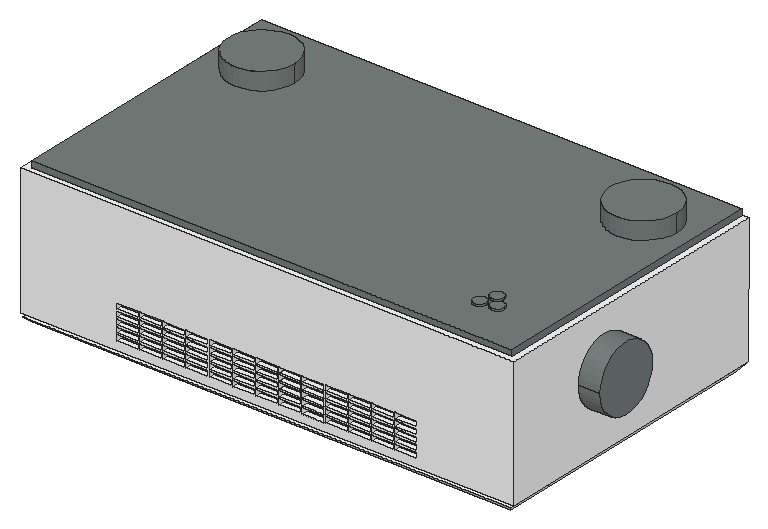
Revit family "AM 300 VVBDE", category Mechanical Equipment, Revit 2019
Family settings
  Round Connector Dimension = Use Diameter
  Part Type = Normal
  OmniClass Number = 23.75.00.00
  OmniClass Title = Climate Control (HVAC)
  Work Plane-Based = No
  Always vertical = Yes
  Cut with Voids When Loaded = No
  Shared = No
  Room Calculation Point = No
Parameters
  Weight (Standard Unit) = 85  # constant formula
  Water Heating [instance] = yes
  Water Heater Surface Return = 15 mm  # constant formula
  Water Heater Surface IN = 15 mm  # constant formula
  URL = "www.airmaster-as.com"
  Total Width = 1180 mm  # constant formula
  Total Hight = 344 mm  # constant formula
  Data Sheet = "https://www.airmaster-as.com/media/4938/15583-am300-en-rev-04.pdf"
  B-C Duct Supply = 147 mm  # constant formula
  B-C Duct Exhaust = 147 mm  # constant formula
  Suply Air In = 160 mm  # constant formula
  R-C Duct Supply = 133 mm  # constant formula
  Phase 1 - Max Power Consumption = "1175 W"
  Phase 1 - Max Current = "7,97 A"
  Nominal current, electrical preheating surface = "4,35 A"
  Nominal current, electrical comfort heating surface = "2,17 A"
  Nominal current, air handling unit = "1,45 A"
  Network Conection = "AWG 24 CAT 5e STP"
  Model = "AM 300 VVBDE"
  Max. flow rate 35 dB(A) with ePM10 80% filters = 240.00 m³  # constant formula
  Max. flow rate 35 dB(A) with ePM10 55% filters = 270.00 m³  # constant formula
  Max. flow rate 35 dB(A) with ePM10 50% filters = 275.00 m³  # constant formula
  Max. flow rate 30 dB(A) with ePM10 80% filters = 180.00 m³  # constant formula
  Max. flow rate 30 dB(A) with ePM10 55% filters = 205.00 m³  # constant formula
  Max. flow rate 30 dB(A) with ePM10 50% filters = 210.00 m³  # constant formula
  Manufacturer = "Airmaster A/S"
  Maintenance [instance] = no
  L-C Duct Exhaust = 133 mm  # constant formula
  Extract air = 160 mm  # constant formula
  Exhaust Air = 160 mm  # constant formula
  Total Depth = 703 mm  # constant formula
  Electrical connection = "1 ~ 230 V / N / PE / 50 Hz"
  Drawn By = "LSB"
  Condensate = 6 mm  # constant formula
  BMS Panel = "(PTS) 2x2x0,6"
  BMS Out = "(PTS) 2x2x0,6"
  BMS IN = "(PTS) 2x2x0,6"
  Airlow area [instance] = no
Reference planes
  plane 1 "Center (Front/Back)": y = 0
  plane 2: z = 0
  plane 3 "Center (Left/Right)": x = 0
  plane 4 "Center L/S": y = -703
  plane 5 "Center L/T": x = -590
  plane 6 "Center L/U": x = 590
  plane 7 "TOP": z = 344
  plane 8 "Center L/V": x = -575
  plane 9 "Center L/W": y = -688
  plane 10 "Center L/X": x = 575
  plane 11 "Panel Buttom": z = 20.747
  plane 12 "Panel Top": z = 330.347
  plane 13 "Hatch": z = 14.5
Forms (mm)
  Extrusion 1, solid, material "AM Grey"
    sketch origin (0, 0, 0) x (1, 0, 0) y (0, 1, 0)
      loop
        line (-575, 0) -> (-575, -688) -> (575, -688) -> (575, 0) -> (-575, 0)
    from 14.5 to 344
  Extrusion 2, solid, material "AM White"
    sketch origin (794.5, -1524, 20.747) x (0, -1, 0) y (-1, 0, 0)
      loop
        line (-1524, 1384.5) -> (-1524, 1369.5) -> (-836, 1369.5) -> (-836, 219.5) -> (-1524, 219.5) -> (-1524, 204.5) -> (-821, 204.5) -> (-821, 1384.5) -> (-1524, 1384.5)
    from 0 to -309.6
  Blend 3, solid, material "AM White"
    base sketch origin (-790.646, -1524, 14.5) x (0, -1, 0) y (1, 0, 0)
      loop
        line (-821, 207.613) -> (-821, 1373.657) -> (-1524, 1373.657) -> (-1524, 207.613) -> (-821, 207.613)
    top sketch origin (-790.646, -1524, 14.5) x (0, -1, 0) y (1, 0, 0)
      loop
        line (-836, 218.963) -> (-836, 1362.646) -> (-1509.161, 1362.646) -> (-1509.161, 218.963) -> (-836, 218.963)
    from 0 to -14.5
  Extrusion 4, solid, material "Maintenece", visible <- "Maintenance"
    sketch origin (-790.646, -1524, 0) x (1, 0, 0) y (0, -1, 0)
      loop
        line (200.646, -1524) -> (1380.646, -1524) -> (1380.646, -821) -> (200.646, -821) -> (200.646, -1524)
    from 0 to 1200
  Extrusion 5, solid, material "AM Grey"
    sketch origin (0, 0, 344) x (1, 0, 0) y (0, 1, 0)
      loop
        circle (428.027, -549.273) r 15.55
    from 0 to 3
  Extrusion 6, solid, material "AM Grey"
    sketch origin (0, 0, 344) x (1, 0, 0) y (0, 1, 0)
      loop
        circle (452.132, -578.023) r 15.55
    from 0 to 3
  Extrusion 7, solid, material "AM Grey"
    sketch origin (0, 0, 344) x (1, 0, 0) y (0, 1, 0)
      loop
        circle (415.201, -584.535) r 15.55
    from 0 to 3
  Extrusion 8, void
    sketch origin (590, -703, 24.45) x (1, 0, 0) y (0, 0, -1)
      loop
        line (-950, -98.297) -> (-897.385, -98.297) -> (-897.385, -84.297) -> (-950, -84.297) -> (-950, -98.297)
      loop
        line (-950, -81.297) -> (-897.385, -81.297) -> (-897.385, -67.297) -> (-950, -67.297) -> (-950, -81.297)
      loop
        line (-950, -64.297) -> (-897.385, -64.297) -> (-897.385, -50.297) -> (-950, -50.297) -> (-950, -64.297)
      loop
        line (-950, -47.297) -> (-897.385, -47.297) -> (-897.385, -33.297) -> (-950, -33.297) -> (-950, -47.297)
      loop
        line (-950, -30.297) -> (-897.385, -30.297) -> (-897.385, -16.297) -> (-950, -16.297) -> (-950, -30.297)
      loop
        line (-894.385, -98.297) -> (-841.769, -98.297) -> (-841.769, -84.297) -> (-894.385, -84.297) -> (-894.385, -98.297)
      loop
        line (-894.385, -81.297) -> (-841.769, -81.297) -> (-841.769, -67.297) -> (-894.385, -67.297) -> (-894.385, -81.297)
      loop
        line (-894.385, -64.297) -> (-841.769, -64.297) -> (-841.769, -50.297) -> (-894.385, -50.297) -> (-894.385, -64.297)
      loop
        line (-894.385, -47.297) -> (-841.769, -47.297) -> (-841.769, -33.297) -> (-894.385, -33.297) -> (-894.385, -47.297)
      loop
        line (-894.385, -30.297) -> (-841.769, -30.297) -> (-841.769, -16.297) -> (-894.385, -16.297) -> (-894.385, -30.297)
      loop
        line (-838.769, -98.297) -> (-786.154, -98.297) -> (-786.154, -84.297) -> (-838.769, -84.297) -> (-838.769, -98.297)
      loop
        line (-838.769, -81.297) -> (-786.154, -81.297) -> (-786.154, -67.297) -> (-838.769, -67.297) -> (-838.769, -81.297)
      loop
        line (-838.769, -64.297) -> (-786.154, -64.297) -> (-786.154, -50.297) -> (-838.769, -50.297) -> (-838.769, -64.297)
      loop
        line (-838.769, -47.297) -> (-786.154, -47.297) -> (-786.154, -33.297) -> (-838.769, -33.297) -> (-838.769, -47.297)
      loop
        line (-838.769, -30.297) -> (-786.154, -30.297) -> (-786.154, -16.297) -> (-838.769, -16.297) -> (-838.769, -30.297)
      loop
        line (-783.154, -98.297) -> (-730.538, -98.297) -> (-730.538, -84.297) -> (-783.154, -84.297) -> (-783.154, -98.297)
      loop
        line (-783.154, -81.297) -> (-730.538, -81.297) -> (-730.538, -67.297) -> (-783.154, -67.297) -> (-783.154, -81.297)
      loop
        line (-783.154, -64.297) -> (-730.538, -64.297) -> (-730.538, -50.297) -> (-783.154, -50.297) -> (-783.154, -64.297)
      loop
        line (-783.154, -47.297) -> (-730.538, -47.297) -> (-730.538, -33.297) -> (-783.154, -33.297) -> (-783.154, -47.297)
      loop
        line (-783.154, -30.297) -> (-730.538, -30.297) -> (-730.538, -16.297) -> (-783.154, -16.297) -> (-783.154, -30.297)
      loop
        line (-727.538, -98.297) -> (-674.923, -98.297) -> (-674.923, -84.297) -> (-727.538, -84.297) -> (-727.538, -98.297)
      loop
        line (-727.538, -81.297) -> (-674.923, -81.297) -> (-674.923, -67.297) -> (-727.538, -67.297) -> (-727.538, -81.297)
      loop
        line (-727.538, -64.297) -> (-674.923, -64.297) -> (-674.923, -50.297) -> (-727.538, -50.297) -> (-727.538, -64.297)
      loop
        line (-727.538, -47.297) -> (-674.923, -47.297) -> (-674.923, -33.297) -> (-727.538, -33.297) -> (-727.538, -47.297)
      loop
        line (-727.538, -30.297) -> (-674.923, -30.297) -> (-674.923, -16.297) -> (-727.538, -16.297) -> (-727.538, -30.297)
      loop
        line (-671.923, -98.297) -> (-619.308, -98.297) -> (-619.308, -84.297) -> (-671.923, -84.297) -> (-671.923, -98.297)
      loop
        line (-671.923, -81.297) -> (-619.308, -81.297) -> (-619.308, -67.297) -> (-671.923, -67.297) -> (-671.923, -81.297)
      loop
        line (-671.923, -64.297) -> (-619.308, -64.297) -> (-619.308, -50.297) -> (-671.923, -50.297) -> (-671.923, -64.297)
      loop
        line (-671.923, -47.297) -> (-619.308, -47.297) -> (-619.308, -33.297) -> (-671.923, -33.297) -> (-671.923, -47.297)
      loop
        line (-671.923, -30.297) -> (-619.308, -30.297) -> (-619.308, -16.297) -> (-671.923, -16.297) -> (-671.923, -30.297)
      loop
        line (-616.308, -98.297) -> (-563.692, -98.297) -> (-563.692, -84.297) -> (-616.308, -84.297) -> (-616.308, -98.297)
      loop
        line (-616.308, -81.297) -> (-563.692, -81.297) -> (-563.692, -67.297) -> (-616.308, -67.297) -> (-616.308, -81.297)
      loop
        line (-616.308, -64.297) -> (-563.692, -64.297) -> (-563.692, -50.297) -> (-616.308, -50.297) -> (-616.308, -64.297)
      loop
        line (-616.308, -47.297) -> (-563.692, -47.297) -> (-563.692, -33.297) -> (-616.308, -33.297) -> (-616.308, -47.297)
      loop
        line (-616.308, -30.297) -> (-563.692, -30.297) -> (-563.692, -16.297) -> (-616.308, -16.297) -> (-616.308, -30.297)
      loop
        line (-560.692, -98.297) -> (-508.077, -98.297) -> (-508.077, -84.297) -> (-560.692, -84.297) -> (-560.692, -98.297)
      loop
        line (-560.692, -81.297) -> (-508.077, -81.297) -> (-508.077, -67.297) -> (-560.692, -67.297) -> (-560.692, -81.297)
      loop
        line (-560.692, -64.297) -> (-508.077, -64.297) -> (-508.077, -50.297) -> (-560.692, -50.297) -> (-560.692, -64.297)
      loop
        line (-560.692, -47.297) -> (-508.077, -47.297) -> (-508.077, -33.297) -> (-560.692, -33.297) -> (-560.692, -47.297)
      loop
        line (-560.692, -30.297) -> (-508.077, -30.297) -> (-508.077, -16.297) -> (-560.692, -16.297) -> (-560.692, -30.297)
      loop
        line (-505.077, -98.297) -> (-452.462, -98.297) -> (-452.462, -84.297) -> (-505.077, -84.297) -> (-505.077, -98.297)
      loop
        line (-505.077, -81.297) -> (-452.462, -81.297) -> (-452.462, -67.297) -> (-505.077, -67.297) -> (-505.077, -81.297)
      loop
        line (-505.077, -64.297) -> (-452.462, -64.297) -> (-452.462, -50.297) -> (-505.077, -50.297) -> (-505.077, -64.297)
      loop
        line (-505.077, -47.297) -> (-452.462, -47.297) -> (-452.462, -33.297) -> (-505.077, -33.297) -> (-505.077, -47.297)
      loop
        line (-505.077, -30.297) -> (-452.462, -30.297) -> (-452.462, -16.297) -> (-505.077, -16.297) -> (-505.077, -30.297)
      loop
        line (-449.462, -98.297) -> (-396.846, -98.297) -> (-396.846, -84.297) -> (-449.462, -84.297) -> (-449.462, -98.297)
      loop
        line (-449.462, -81.297) -> (-396.846, -81.297) -> (-396.846, -67.297) -> (-449.462, -67.297) -> (-449.462, -81.297)
      loop
        line (-449.462, -64.297) -> (-396.846, -64.297) -> (-396.846, -50.297) -> (-449.462, -50.297) -> (-449.462, -64.297)
      loop
        line (-449.462, -47.297) -> (-396.846, -47.297) -> (-396.846, -33.297) -> (-449.462, -33.297) -> (-449.462, -47.297)
      loop
        line (-449.462, -30.297) -> (-396.846, -30.297) -> (-396.846, -16.297) -> (-449.462, -16.297) -> (-449.462, -30.297)
      loop
        line (-393.846, -98.297) -> (-341.231, -98.297) -> (-341.231, -84.297) -> (-393.846, -84.297) -> (-393.846, -98.297)
      loop
        line (-393.846, -81.297) -> (-341.231, -81.297) -> (-341.231, -67.297) -> (-393.846, -67.297) -> (-393.846, -81.297)
      loop
        line (-393.846, -64.297) -> (-341.231, -64.297) -> (-341.231, -50.297) -> (-393.846, -50.297) -> (-393.846, -64.297)
      loop
        line (-393.846, -47.297) -> (-341.231, -47.297) -> (-341.231, -33.297) -> (-393.846, -33.297) -> (-393.846, -47.297)
      loop
        line (-393.846, -30.297) -> (-341.231, -30.297) -> (-341.231, -16.297) -> (-393.846, -16.297) -> (-393.846, -30.297)
      loop
        line (-338.231, -98.297) -> (-285.615, -98.297) -> (-285.615, -84.297) -> (-338.231, -84.297) -> (-338.231, -98.297)
      loop
        line (-338.231, -81.297) -> (-285.615, -81.297) -> (-285.615, -67.297) -> (-338.231, -67.297) -> (-338.231, -81.297)
      loop
        line (-338.231, -64.297) -> (-285.615, -64.297) -> (-285.615, -50.297) -> (-338.231, -50.297) -> (-338.231, -64.297)
      loop
        line (-338.231, -47.297) -> (-285.615, -47.297) -> (-285.615, -33.297) -> (-338.231, -33.297) -> (-338.231, -47.297)
      loop
        line (-338.231, -30.297) -> (-285.615, -30.297) -> (-285.615, -16.297) -> (-338.231, -16.297) -> (-338.231, -30.297)
      loop
        line (-282.615, -98.297) -> (-230, -98.297) -> (-230, -84.297) -> (-282.615, -84.297) -> (-282.615, -98.297)
      loop
        line (-282.615, -81.297) -> (-230, -81.297) -> (-230, -67.297) -> (-282.615, -67.297) -> (-282.615, -81.297)
      loop
        line (-282.615, -64.297) -> (-230, -64.297) -> (-230, -50.297) -> (-282.615, -50.297) -> (-282.615, -64.297)
      loop
        line (-282.615, -47.297) -> (-230, -47.297) -> (-230, -33.297) -> (-282.615, -33.297) -> (-282.615, -47.297)
      loop
        line (-282.615, -30.297) -> (-230, -30.297) -> (-230, -16.297) -> (-282.615, -16.297) -> (-282.615, -30.297)
    from 0 to 15
  Extrusion 9, solid, material "AM Grey", visible <- "Water Heating"
    sketch origin (-575, -688, 0) x (0, 1, 0) y (0, 0, -1)
      loop
        circle (325.216, -242.139) r 15.55
    from 0 to 36
  Extrusion 10, solid, material "AM Grey", visible <- "Water Heating"
    sketch origin (-575, -836.92, 39.903) x (0, 1, 0) y (0, 0, -1)
      loop
        circle (325.216, -242.139) r 15.55
    from 0 to 36
  Extrusion 11, solid, material "AM Grey"
    sketch origin (590, 0, 20.747) x (0, -1, 0) y (0, 0, -1)
      loop
        circle (433, -174.253) r 78
    from 0 to 54
  Extrusion 12, solid, material "AM Grey"
    sketch origin (0, 0, 344) x (1, 0, 0) y (0, 1, 0)
      loop
        circle (-457, -147) r 79.754
    from 0 to 41
  Extrusion 13, solid, material "AM Grey"
    sketch origin (925, 0, 344) x (1, 0, 0) y (0, 1, 0)
      loop
        circle (-468, -147) r 79.754
    from 0 to 41
Cuts and joins
  Extrusion 8 cuts Extrusion 1
  Extrusion 8 cuts Extrusion 2
Dimensions and locks
  "Total Depth": plane 4 "Center L/S" to plane 1 "Center (Front/Back)"
  equal spacing: plane 5 "Center L/T", plane 3 "Center (Left/Right)", plane 6 "Center L/U"
  "Total Width": plane 5 "Center L/T" to plane 6 "Center L/U"
  "Total Hight": plane 7 "TOP" to level
  locked: plane 10 "Center L/X" to plane 6 "Center L/U" at 15
  locked: plane 4 "Center L/S" to plane 9 "Center L/W" at 15
  locked: plane 5 "Center L/T" to plane 8 "Center L/V" at 15
  Extrusion 1 to Blend 3 sketch curve = 14.839 mm
  plane 7 "TOP" to Extrusion 11 sketch curve = 149 mm
  Extrusion 11 sketch curve to plane 1 "Center (Front/Back)" = 433 mm
  "B-C Duct Exhaust": Extrusion 12 sketch curve to plane 1 "Center (Front/Back)"
  "L-C Duct Exhaust": plane 5 "Center L/T" to Extrusion 12 sketch curve
  "B-C Duct Supply": Extrusion 13 sketch curve to plane 1 "Center (Front/Back)"
  "R-C Duct Supply": Extrusion 13 sketch curve to plane 6 "Center L/U"
  aligned and locked: level to plane 2
  aligned and locked: plane 1 "Center (Front/Back)" to Extrusion 1 sketch curve
  aligned and locked: plane 8 "Center L/V" to Extrusion 1 sketch curve
  aligned and locked: Extrusion 1 sketch curve to plane 9 "Center L/W"
  aligned and locked: Extrusion 1 sketch curve to plane 10 "Center L/X"
  aligned and locked: plane 7 "TOP" to Extrusion 1
  aligned and locked: plane 5 "Center L/T" to Extrusion 2 sketch curve
  aligned and locked: plane 4 "Center L/S" to Extrusion 2 sketch curve
  aligned and locked: plane 6 "Center L/U" to Extrusion 2 sketch curve
  aligned and locked: Extrusion 2 sketch curve to Extrusion 1  (x3)
  aligned and locked: plane 1 "Center (Front/Back)" to Extrusion 2 sketch curve
  aligned and locked: Extrusion 2 to plane 12 "Panel Top"
  aligned and locked: Blend 3 to plane 2
  aligned and locked: plane 13 "Hatch" to Extrusion 1
Automatic sketch dimensions
  plane 1 "Center (Front/Back)" to Extrusion 2 sketch curve = 0 mm
  plane 1 "Center (Front/Back)" to Blend 3 sketch curve = 0 mm
  plane 4 "Center L/S" to Blend 3 sketch curve = 0 mm
  plane 5 "Center L/T" to Blend 3 sketch curve = 6.967 mm
  Blend 3 sketch curve to plane 6 "Center L/U" = 6.989 mm
  plane 9 "Center L/W" to Blend 3 sketch curve = 0 mm
  plane 8 "Center L/V" to Blend 3 sketch curve = 3.316 mm
  Blend 3 sketch curve to plane 10 "Center L/X" = 3 mm
  Extrusion 4 sketch curve to Blend 3 = 18.316 mm
  Extrusion 4 sketch curve to Blend 3 = 18 mm
  Extrusion 4 sketch curve to Blend 3 = 15 mm
  Extrusion 4 sketch curve to Blend 3 = 14.839 mm
  Extrusion 5 sketch curve to Extrusion 1 = 146.973 mm
  Extrusion 5 sketch curve to Extrusion 1 = 138.727 mm
  Extrusion 6 sketch curve to Extrusion 1 = 122.868 mm
  Extrusion 6 sketch curve to Extrusion 1 = 109.977 mm
  Extrusion 7 sketch curve to Extrusion 1 = 159.799 mm
  Extrusion 7 sketch curve to Extrusion 1 = 103.465 mm
  Extrusion 8 sketch curve to Extrusion 2 = 102 mm  (x2)
  Extrusion 8 sketch curve to Extrusion 2 = 230 mm
  Extrusion 8 sketch curve to Extrusion 2 = 20 mm
  Extrusion 8 sketch curve to Extrusion 8 sketch curve = 0 mm  (x115)
  Extrusion 8 sketch curve to Extrusion 8 sketch curve = 52.615 mm  (x13)
  Extrusion 8 sketch curve to Extrusion 8 sketch curve = 3 mm  (x88)
  Extrusion 8 sketch curve to Extrusion 8 sketch curve = 14 mm  (x40)
  Extrusion 1 to Extrusion 9 sketch curve = 101.861 mm
  Extrusion 9 sketch curve to Extrusion 1 = 325.216 mm
  Extrusion 1 to Extrusion 10 sketch curve = 61.958 mm
  Extrusion 10 sketch curve to Extrusion 1 = 176.296 mm
  radius of Extrusion 5 sketch curve = 15.55 mm
  radius of Extrusion 6 sketch curve = 15.55 mm
  radius of Extrusion 7 sketch curve = 15.55 mm
  radius of Extrusion 9 sketch curve = 15.55 mm
  radius of Extrusion 10 sketch curve = 15.55 mm
  radius of Extrusion 11 sketch curve = 78 mm
  radius of Extrusion 12 sketch curve = 79.754 mm
  radius of Extrusion 13 sketch curve = 79.754 mm
Nested families
  nested 1: "Model Label 2019" at (0, -361.924, 0), Label <- "Model", type "Model Label 2019"
    with Label "AM 300 VVBDE"
  nested 2: "indblæssymbol" at (0, -803, 0) x (0, -1, 0) z (0, 0, 1), type "indblæssymbol"
    with dX_ 609 mm, dX 609 mm, ang2D 0.00°
Connectors
  electrical at (428.027, -549.273, 344)
    settings: on Extrusion 5, index 13, voltage 230 V, apparent load 0 VA, apparent load phase1 0 VA, apparent load phase2 0 VA, apparent load phase3 0 VA, power factor 0.55, load classification "Other", number of poles 1, system type 30, power factor state 1, is connector primary yes, connector utility no, sub classification motor no, connector description ""
  electrical at (452.132, -578.023, 344), driven by "BMS Out"
    settings: on Extrusion 6, index 14, voltage 0 V, apparent load 0 VA, apparent load phase1 0 VA, apparent load phase2 0 VA, apparent load phase3 0 VA, power factor 1, load classification "Other", number of poles 1, system type 5, power factor state 1, is connector primary no, connector utility no, sub classification motor no, connector description "(PTS) 2x2x0,6"
  electrical at (415.201, -584.535, 344), driven by "BMS IN"
    settings: on Extrusion 7, index 15, voltage 0 V, apparent load 0 VA, apparent load phase1 0 VA, apparent load phase2 0 VA, apparent load phase3 0 VA, power factor 1, load classification "Other", number of poles 1, system type 5, power factor state 1, is connector primary no, connector utility no, sub classification motor no, connector description "(PTS) 2x2x0,6"
  piping at (-611, -362.784, 242.139), diameter 15, driven by "Water Heater Surface IN"
    settings: on Extrusion 9, index 16, connector inside diameter 609.6 mm, connector length 0 mm, flow factor 0, pipe flow 0.0 L/s, pressure drop 0.0 Pa, fitting loss kfactor 0, connector angle 0.00°, fixture units 0, engagement length 0 mm, angle of deflection 0.00°, flow configuration 0, flow direction 0, fitting loss method 0, system type 19, joint type 0, gender type 0, connector reference index -1, connector utility 0, adjustable connector no, is connector primary yes, connector description ""
  piping at (-611, -511.704, 282.042), diameter 15, driven by "Water Heater Surface IN"
    settings: on Extrusion 10, index 17, connector inside diameter 609.6 mm, connector length 0 mm, flow factor 0, pipe flow 0.0 L/s, pressure drop 0.0 Pa, fitting loss kfactor 0, connector angle 0.00°, fixture units 0, engagement length 0 mm, angle of deflection 0.00°, flow configuration 0, flow direction 0, fitting loss method 0, system type 19, joint type 0, gender type 0, connector reference index -1, connector utility 0, adjustable connector no, is connector primary no, connector description ""
  hvac at (-457, -147, 344), driven by "Suply Air In"
    settings: on Extrusion 12, index 21, duct flow 0.0 L/s, flow factor 0, pres drop 0.0 Pa, loss coef 0, conn angle 0.00°, conn width 304.8 mm, conn height 304.8 mm, conn diameter 160 mm, duct sys type 1, conn prof type 0, flow config 0, flow direction 1, loss method 0, conn ref index -1, conn util no, is conn primary yes, conn desc ""
  hvac at (457, -147, 344), driven by "Exhaust Air"
    settings: on Extrusion 13, index 22, duct flow 0.0 L/s, flow factor 0, pres drop 0.0 Pa, loss coef 0, conn angle 0.00°, conn width 304.8 mm, conn height 304.8 mm, conn diameter 160 mm, duct sys type 3, conn prof type 0, flow config 0, flow direction 0, loss method 0, conn ref index -1, conn util no, is conn primary no, conn desc ""
  hvac at (590, -433, 195), driven by "Extract air"
    settings: on Extrusion 11, index 23, duct flow 0.0 L/s, flow factor 0, pres drop 0.0 Pa, loss coef 0, conn angle 0.00°, conn width 304.8 mm, conn height 304.8 mm, conn diameter 160 mm, duct sys type 2, conn prof type 0, flow config 0, flow direction 0, loss method 0, conn ref index -1, conn util no, is conn primary no, conn desc ""
Definition of nested family "Model Label 2019"
  Parameters (values of type "Model Label 2019")
    Label [instance] = ""
  Reference planes
    plane 1: y = 0
    plane 2: x = 0
  Text (mm)
    label "Label" at (-0.131, 0.049, 0), shows "Label"
Definition of nested family "indblæssymbol"
  Parameters (values of type "indblæssymbol")
    dX_ [instance] = if(dX = 0 mm, 1 mm, dX)  # 609 mm
    dX [instance] = 609 mm
    ang2D [instance] = 0.00°
    Type Comments = "DO NOT CHANGE dX value from 608 mm ( 2 ft )"
    Afstand pil = 50 mm
  Reference planes
    plane 1 "Center (Front/Back)": y = 0
    plane 2: z = 0
    plane 3 "Center (Left/Right)": x = 0
  Lines and regions (mm)
    Filled region 1, type "Concrete", in view "Ref. Level"
      outline origin (50.005, 0, 0) x (1, 0, 0) y (0, 1, 0)
        loop
          line (399.995, 0.414) -> (301.442, 17.365) -> (301.588, -17.365) -> (399.995, 0.414)
    reference lines, in view "Ref. Level"
      curve 1: line (50, 134.129, 0) -> (50, -145.871, 0)
    detail lines, in view "Ref. Level"
      curve 2: line (351.52, 0, 0) -> (50, 0, 0)
  Dimensions and locks
    "Afstand pil": plane 3 "Center (Left/Right)" to curve 1
    curve 1 to Filled region 1 = 400 mm
  Automatic sketch dimensions
    Filled region 1 sketch curve to plane 1 "Center (Front/Back)" = 0.414 mm
    plane 3 "Center (Left/Right)" to Filled region 1 sketch curve = 450 mm
    plane 1 "Center (Front/Back)" to Filled region 1 sketch curve = 17.365 mm
    Filled region 1 sketch curve to Filled region 1 sketch curve = 98.407 mm
    Filled region 1 sketch curve to plane 1 "Center (Front/Back)" = 17.365 mm
    Filled region 1 sketch curve to Filled region 1 sketch curve = 0.146 mm
    plane 1 "Center (Front/Back)" to curve 2 = 0 mm
    plane 3 "Center (Left/Right)" to curve 2 = 50 mm
    curve 2 to curve 2 = 301.52 mm
    plane 1 "Center (Front/Back)" to curve 1 = 145.871 mm
    curve 1 to plane 1 "Center (Front/Back)" = 134.129 mm
